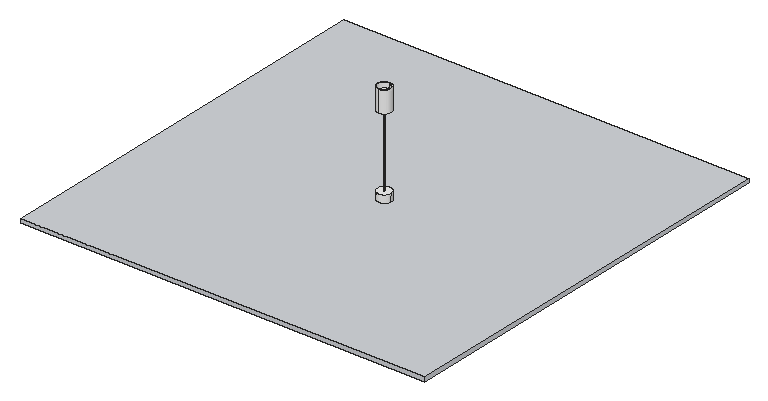
Revit family "Lighting-Pendant-Lucifer-Cylinder-CP2", category Lighting Fixtures, host Face, Revit 2016
Family settings
  Host = Face
  Part Type = Normal
  Round Connector Dimension = Use Diameter
  Cut with Voids When Loaded = No
  Light Source = Yes
  Shared = No
  Room Calculation Point = No
Parameters (values of type "CP2")
  Wattage = 9.2903 W
  built-in parameter 1150110 = 1 (stored number, unit not read)
  Voltage = 0 V
  URL = "https://www.luciferlighting.com/"
  built-in parameter 1114217 = 1 (stored number, unit not read)
  Tilt Angle = -90.00°
  built-in parameter 1150109 = 1 (stored number, unit not read)
  built-in parameter 1150134 = 3
  Suspension Length = 24.00"
  built-in parameter 1150113 = 1 (stored number, unit not read)
  Power Factor = 1
  Photometric Web File = "Load File"
  Number of Poles = 1
  built-in parameter 1150142 = (empty or 0)
  Model = "CP2"
  Manufacturer = "Lucifer Lighting"
  built-in parameter 1150105 = 109.82 (stored number, unit not read)
  Lumens = 1380 lm
  built-in parameter 1150115 = 1 (stored number, unit not read)
  built-in parameter 1150137 = (empty or 0)
  built-in parameter 1150139 = (empty or 0)
  built-in parameter 1150112 = 1 (stored number, unit not read)
  built-in parameter 1150114 = 1 (stored number, unit not read)
  Lamp = "LED"
  built-in parameter 1150132 = (empty or 0)
  built-in parameter 1150102 = (empty or 0)
  built-in parameter 1150107 = 3200 (stored number, unit not read)
  built-in parameter 1150138 = (empty or 0)
  built-in parameter 1150106 = 1.0982 (stored number, unit not read)
  Emit from Circle Diameter = 3.25"
  Emit Shape Visible in Rendering = no
  built-in parameter 1150104 = 13.8 (stored number, unit not read)
  Dimming Lamp Color Temperature Shift = <None>
  Description = "Suspended Cylinder"
  Default Elevation = 48.00"
  Color Filter = 16777215
  built-in parameter 1114218 = 1 (stored number, unit not read)
  built-in parameter 1150133 = 10 (stored number, unit not read)
  Apparent Load = 0 VA
Reference planes (in)
  plane 1 "Center (Front/Back)": y = 0
  plane 2: z = 0.125
  plane 3 "Center (Left/Right)": x = 0
  plane 4: z = -4.94
  plane 5: z = -4.94
  plane 6: z = 21.09992
  plane 7: y = 1.625
  plane 8: y = -1.625
  plane 9: z = 20.07992
  plane 10: z = 11.57492
  plane 11: z = 1.725
  plane 12: z = 24
  plane 13: z = 19.1
Forms (in)
  Extrusion 1, solid
    sketch origin (0, 0, 0) x (1, 0, 0) y (0, 1, 0)
      loop
        line (-48, 48) -> (-48, -48) -> (48, -48) -> (48, 48) -> (-48, 48)
    from 0.125 to -0.82085
  Revolve 2, solid, material "Housing"
    sketch origin (0, 0, 13.69992) x (0, 1, 0) y (0, 0, 1)
      loop
        line (1.625, 10.30008) -> (1.475, 10.30008) -> (1.475, 9.28008) -> (0, 9.28008) -> (0, 5.40008) -> (1.625, 5.40008) -> (1.625, 10.30008)
      axis (0, 10.30008) -> (0, 5.40008)
    angle from 0 to 360
  Extrusion 3, solid, material "Housing"
    sketch origin (0, 0, 0) x (1, 0, 0) y (0, 1, 0)
      loop
        circle (0, 0) r 1.625
    from 0 to 1.725
  Extrusion 4, solid, material "Housing"
    sketch origin (0, 0, 0) x (1, 0, 0) y (0, 1, 0)
      loop
        circle (0, 0) r 0.08474
    from 1.725 to 19.1
Dimensions and locks (in)
  equal spacing: plane 7, plane 1 "Center (Front/Back)", plane 8
  plane 7 to plane 8 = 3.25"
  "Suspension Length": plane 12 to level
  locked: Revolve 2 sketch curve to Revolve 2 sketch curve at 1.02
  locked: Revolve 2 sketch curve to Revolve 2 sketch curve at 3.88
  plane 12 to plane 13 = 4.90"
  diameter of Extrusion 3 sketch curve = 3.25"
  aligned and locked: plane 2 to Extrusion 1
  aligned and locked: Extrusion 4 to Extrusion 3
  aligned and locked: plane 12 to Revolve 2
  aligned and locked: imposter light to plane 1 "Center (Front/Back)"
  aligned and locked: imposter light to Revolve 2
  aligned and locked: Revolve 2 to Extrusion 4
Automatic sketch dimensions
  Extrusion 1 sketch curve to Extrusion 1 sketch curve = 96.00"  (x2)
  plane 1 "Center (Front/Back)" to Extrusion 3 sketch curve = 0.00"
  Extrusion 3 sketch curve to plane 3 "Center (Left/Right)" = 0.00"
  plane 1 "Center (Front/Back)" to Extrusion 4 sketch curve = 0.00"
  Extrusion 4 sketch curve to plane 3 "Center (Left/Right)" = 0.00"
  Revolve 2 sketch curve to plane 1 "Center (Front/Back)" = 0.00"  (x2)
  Revolve 2 sketch curve to plane 12 = 0.00"
  Revolve 2 sketch curve to plane 7 = 0.00"
  plane 7 to Revolve 2 sketch curve = 0.15"
  Revolve 2 sketch curve to plane 4 = 5.36008"
  plane 12 to Revolve 2 sketch curve = 57.14589"
  radius of Extrusion 4 sketch curve = 0.08474"
Connectors (in)
  electrical at (0, 0, 0), driven by "Number of Poles", driven by "Voltage", driven by "Apparent Load", driven by "Power Factor"
    settings: on Extrusion 3, index 1, voltage 0 V, apparent load 0 VA, apparent load phase1 0 VA, apparent load phase2 0 VA, apparent load phase3 0 VA, power factor 1, load classification "Other", number of poles 1, system type 31, power factor state 1, is connector primary yes, connector utility no, sub classification motor no, connector description ""
